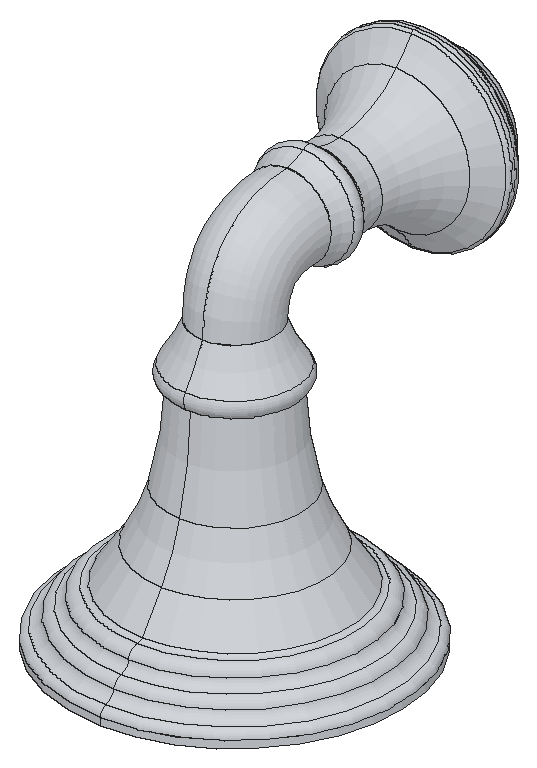
Revit family "Accessory-Robe_Hook-KOHLER-DEVONSHIRE-K-10555T", category Specialty Equipment, host Face, Revit 2017
Family settings
  Host = Face
  Round Connector Dimension = Use Diameter
  Part Type = Normal
  OmniClass Number = 23.31.25.27
  OmniClass Title = Robe Hooks
  Cut with Voids When Loaded = No
  Shared = No
  Room Calculation Point = No
Parameters (values of type "CP-Polished Chrome")
  Width = 3 3/16"  # constant formula
  WaterSense Certified = 1 = 0  # no
  URL = "http://www.kohler.com.cn/en/"
  Type = 1
  Product Page URL = "http://www.kohler.com.cn/product/K-10555T-CP/K-10555T-CP/"
  Product Name = "DEVONSHIRE"  # constant formula
  Product Documentation Link = "http://files.kohler.com.cn/pdfs/devonshire_10550.pdf"
  Model = if(Type = 1, "K-10555T-CP", if(Type = 2, "K-10555T-2BZ", "NA"))  # "K-10555T-CP"
  Material = "Premium Metal Construction"  # constant formula
  Master Format 2014 Name = "Toilet, Bath, and Laundry Accessories"  # constant formula
  Master Format 2014 = "10 28 00"  # constant formula
  Manufacturer Address = "158 Jiangchang 3rd Road Zhabei District Shanghai, 200436 China"  # constant formula
  Manufacturer = "KOHLER Co."  # constant formula
  Length = 2 3/8"  # constant formula
  Height = 3 3/16"  # constant formula
  Finish = Kohler-Metal-CP-Polished_Chrome
  Environmental Product Declaration = ""
  Description = "single hook"  # constant formula
  Default Elevation = 42"
  Declare Label = ""
  Date Modified = "06/08/2020"  # constant formula
  Date Created = "06/08/2020"  # constant formula
  Copyright = "Copyright KOHLER Co."  # constant formula
  Contact Us = "http://www.kohler.com.cn/en/contact/contact-us/"
  Assembly Code = "C1030200"
  ADA Compliant = 1 = 0  # no
Types (3): name | Type | Product Page URL | Model | Finish
  (no name) | 1 | "http://www.kohler.com.cn/product/K-10555T-CP/K-10555T-CP/" | "K-10555T-CP" | Kohler-Metal-CP-Polished_Chrome
  CP-Polished Chrome | 1 | "http://www.kohler.com.cn/product/K-10555T-CP/K-10555T-CP/" | "K-10555T-CP" | Kohler-Metal-CP-Polished_Chrome
  2BZ-Elegant Black | 2 | "http://www.kohler.com.cn/product/K-10555T-CP/K-10555T-2BZ/" | "K-10555T-2BZ" | Kohler-Metal-2BZ-Elegant_Black
Reference planes (in)
  plane 1 "Center (Front/Back)": y = 0
  plane 2: z = 0
  plane 3 "Center (Left/Right)": x = 0
  plane 4: x = -1.1875
  plane 5: y = 1.18749
  plane 6: y = -1.18749
  plane 7: x = 1.1875
  plane 8: z = 2.5
  plane 9: z = 3.1875
  plane 10: y = 2.00001
  plane 11: z = 1.77536
  plane 12: z = 0.37095
  plane 13: z = 0.23969
  plane 14: z = 0.1079
Dimensions and locks (in)
  "Length": plane 4 to plane 7
  "Height": plane 10 to plane 6
  "Width": plane 9 to level
  plane 8 to level = 2 1/2"
  aligned and locked: plane 2 to host face
  aligned and locked: level to host face
Automatic sketch dimensions
  host sketch curve to host sketch curve = 96"  (x2)
Nested families (in)
  nested 1: "K-10555T" at (0, 0, 0) x (0, 1, 0) z (0, 0, 1), type "K-10555T"
Definition of nested family "K-10555T"
  Parameters (values of type "K-10555T")
    Material = none
  Reference planes (in)
    plane 1 "Center (Front/Back)": y = 0
    plane 2: z = 0
    plane 3 "Center (Left/Right)": x = 0
    plane 4: x = 1.1875
    plane 5: z = 2.5
    plane 6: x = -1.1875
    plane 7: x = 2
    plane 8: y = 1.18749
    plane 9: y = -1.18749
    plane 10: z = 3.1875
    plane 11: z = 1.77536
  Forms (in)
    Revolve 1, solid, material <- "Material", detail levels medium+fine
      sketch origin (0, 0, 0) x (1, 0, 0) y (0, 0, 1)
        loop
          line (-1.18749, 0) -> (0, 0) -> (0, 2.04672) -> (-0.28617, 2.04672)
          arc (-0.28617, 2.04672) -> (-0.35223, 1.90648) -> (-0.43491, 1.77536) r 1.26711
          arc (-0.43491, 1.77536) -> (-0.44575, 1.69714) -> (-0.38724, 1.64412) r 0.0845
          arc (-0.38724, 1.64412) -> (-0.4152, 1.31968) -> (-0.48139, 1.00084) r 2.7446
          arc (-0.48139, 1.00084) -> (-0.54805, 0.8122) -> (-0.64239, 0.63577) r 1.32349
          arc (-0.64239, 0.63577) -> (-0.72463, 0.51188) -> (-0.81159, 0.39126) r 3.8464
          arc (-0.81159, 0.39126) -> (-0.83075, 0.37569) -> (-0.85498, 0.37095) r 0.05099
          arc (-0.85498, 0.37095) -> (-0.90811, 0.35364) -> (-0.93606, 0.30525) r 0.07805
          arc (-0.93606, 0.30525) -> (-0.95791, 0.26208) -> (-1.0008, 0.23969) r 0.07914
          arc (-1.0008, 0.23969) -> (-1.0424, 0.21866) -> (-1.06503, 0.17791) r 0.07942
          arc (-1.06503, 0.17791) -> (-1.09103, 0.13146) -> (-1.13877, 0.1079) r 0.08978
          arc (-1.13877, 0.1079) -> (-1.17366, 0.08835) -> (-1.18749, 0.05083) r 0.05778
          line (-1.18749, 0.05083) -> (-1.18749, 0)
        axis (0, 2.04672) -> (0, 0)
      angle from 0 to 360
    Revolve 2, solid, material <- "Material", detail levels medium+fine
      sketch origin (0, 0, 0) x (1, 0, 0) y (0, 0, 1)
        loop
          arc (1.71199, 3.10999) -> (1.69005, 3.14723) -> (1.65825, 3.17652) r 0.14746
          arc (1.65825, 3.17652) -> (1.64008, 3.18525) -> (1.62015, 3.18825) r 0.06776
          line (1.62015, 3.18825) -> (1.58814, 3.18825)
          arc (1.58814, 3.18825) -> (1.573, 3.18433) -> (1.56167, 3.17356) r 0.03119
          arc (1.56167, 3.17356) -> (1.50232, 3.08911) -> (1.43405, 3.0117) r 0.93778
          arc (1.43405, 3.0117) -> (1.20427, 2.85387) -> (0.9322, 2.79317) r 0.73353
          arc (0.9322, 2.79317) -> (0.83505, 2.79868) -> (0.74024, 2.82055) r 0.57317
          arc (0.74024, 2.82055) -> (0.72493, 2.81759) -> (0.71924, 2.80308) r 0.01617
          arc (0.71924, 2.80308) -> (0.67844, 2.86319) -> (0.60593, 2.85869) r 0.07332
          arc (0.60593, 2.85869) -> (0.53942, 2.82418) -> (0.4673, 2.80385) r 0.36849
          line (0.4673, 2.80385) -> (0.4673, 2.5) -> (2, 2.5)
          arc (2, 2.5) -> (1.97649, 2.73375) -> (1.90689, 2.95813) r 1.1736
          arc (1.90689, 2.95813) -> (1.87407, 2.99764) -> (1.8249, 3.0125) r 0.08919
          arc (1.8249, 3.0125) -> (1.81006, 3.01805) -> (1.80246, 3.03196) r 0.0227
          arc (1.80246, 3.03196) -> (1.78356, 3.0683) -> (1.74613, 3.08491) r 0.062
          arc (1.74613, 3.08491) -> (1.72551, 3.09261) -> (1.71199, 3.10999) r 0.04038
        axis (2, 2.5) -> (0.4673, 2.5)
      angle from 0 to 360
    SweptBlend 3, solid, material <- "Material", detail levels medium+fine
      path origin (0, 0, 0) x (1, 0, 0) y (0, 0, 1)
        loop
          spline (0, 2.04672) -> (0.00354, 2.12136) -> (0.01351, 2.1895) -> (0.02992, 2.25116) -> (0.05277, 2.30633) -> (0.08206, 2.35501) -> (0.11778, 2.39719) -> (0.15994, 2.43289) -> (0.20854, 2.4621) -> (0.26357, 2.48481) -> (0.32505, 2.50104) -> (0.39296, 2.51078) -> (0.4673, 2.51402)
      profile origin (0, 0, 2.04672) x (-0.999992, 0, 0.004077) y (0, -1, 0)
        loop
          circle (0, 0) r 0.28617
      end profile origin (0.4673, 0, 2.51402) x (0, 0, 1) y (0, -1, 0)
        loop
          circle (-0.01402, 0) r 0.30385
    Revolve 4, solid, material <- "Material", detail levels coarse
      sketch origin (0, 0, 0) x (1, 0, 0) y (0, 0, 1)
        loop
          line (-1.18749, 0) -> (-0.01182, 0) -> (-0.01182, 2.03177) -> (-0.4461, 2.03177) -> (-0.4461, 0.39756) -> (-1.18749, 0.39756) -> (-1.18749, 0)
        axis (-0.01182, 2.03177) -> (-0.01182, 0)
      angle from 0 to 360
    Revolve 5, solid, material <- "Material", detail levels coarse
      sketch origin (0, 0, 0) x (1, 0, 0) y (0, 0, 1)
        loop
          line (0.47762, 2.86613) -> (0.47762, 2.51545) -> (2.0625, 2.51545) -> (2.0625, 3.1875) -> (1.47762, 3.1875) -> (1.47762, 2.86613) -> (0.47762, 2.86613)
        axis (2.0625, 2.51545) -> (0.47762, 2.51545)
      angle from 0 to 360
    SweptBlend 6, solid, material <- "Material", detail levels coarse
      path origin (0.0003, 0, 0) x (1, 0, 0) y (0, 0, 1)
        loop
          arc (-0.01182, 2.03177) -> (0.13154, 2.37786) -> (0.47762, 2.52121) r 0.48944
      profile origin (-0.01152, 0, 2.03177) x (-1, 0, 0) y (0, -1, 0)
        loop
          circle (0, 0) r 0.43458
      end profile origin (0.47792, 0, 2.52121) x (0, 0, 1) y (0, -1, 0)
        loop
          circle (-0.00577, 0) r 0.35069
  Cuts and joins
    joined: Revolve 1, Revolve 2
    joined: Revolve 4, Revolve 5
  Lines and regions (in)
    Masking region 1
      outline origin (0, 0, 0) x (1, 0, 0) y (0, 0, 1)
        loop
          line (-1.1875, 0) -> (0, 0) -> (1.1875, 0) -> (1.1875, 0.05083)
          arc (1.1875, 0.05083) -> (1.17366, 0.08835) -> (1.13878, 0.1079) r 0.05778
          arc (1.13878, 0.1079) -> (1.09104, 0.13146) -> (1.06504, 0.17791) r 0.08978
          arc (1.06504, 0.17791) -> (1.04241, 0.21866) -> (1.00081, 0.23969) r 0.07942
          arc (1.00081, 0.23969) -> (0.95791, 0.26208) -> (0.93607, 0.30525) r 0.07914
          arc (0.93607, 0.30525) -> (0.90812, 0.35364) -> (0.85499, 0.37095) r 0.07805
          arc (0.85499, 0.37095) -> (0.83076, 0.37569) -> (0.8116, 0.39126) r 0.05099
          arc (0.8116, 0.39126) -> (0.72464, 0.51188) -> (0.6424, 0.63577) r 3.8464
          arc (0.6424, 0.63577) -> (0.54806, 0.8122) -> (0.4814, 1.00084) r 1.32349
          arc (0.4814, 1.00084) -> (0.41521, 1.31969) -> (0.38725, 1.64413) r 2.7446
          arc (0.38725, 1.64413) -> (0.44575, 1.69715) -> (0.43491, 1.77536) r 0.0845
          arc (0.43491, 1.77536) -> (0.35223, 1.90648) -> (0.28617, 2.04672) r 1.26711
          arc (0.28617, 2.04672) -> (0.28532, 2.13678) -> (0.34155, 2.20714) r 0.13436
          arc (0.34155, 2.20714) -> (0.40132, 2.22677) -> (0.46345, 2.2169) r 0.13371
          arc (0.46345, 2.2169) -> (0.53644, 2.18241) -> (0.60593, 2.14131) r 0.87172
          arc (0.60593, 2.14131) -> (0.67844, 2.13681) -> (0.71924, 2.19692) r 0.07332
          arc (0.71924, 2.19692) -> (0.72522, 2.18275) -> (0.74024, 2.17945) r 0.01673
          arc (0.74024, 2.17945) -> (0.76585, 2.186) -> (0.79161, 2.192) r 1.2229
          arc (0.79161, 2.192) -> (0.82739, 2.19867) -> (0.86354, 2.20292) r 0.54206
          arc (0.86354, 2.20292) -> (0.90385, 2.20566) -> (0.94422, 2.20713) r 1.2876
          arc (0.94422, 2.20713) -> (1.20978, 2.14445) -> (1.43405, 1.98905) r 0.73353
          arc (1.43405, 1.98905) -> (1.50232, 1.91164) -> (1.56167, 1.82719) r 0.93778
          arc (1.56167, 1.82719) -> (1.573, 1.81642) -> (1.58814, 1.8125) r 0.03119
          line (1.58814, 1.8125) -> (1.62015, 1.8125)
          arc (1.62015, 1.8125) -> (1.64008, 1.8155) -> (1.65825, 1.82423) r 0.06776
          arc (1.65825, 1.82423) -> (1.69005, 1.85351) -> (1.71199, 1.89076) r 0.14746
          arc (1.71199, 1.89076) -> (1.72551, 1.90813) -> (1.74613, 1.91583) r 0.04038
          arc (1.74613, 1.91583) -> (1.78356, 1.93245) -> (1.80246, 1.96878) r 0.062
          arc (1.80246, 1.96878) -> (1.81002, 1.98266) -> (1.82479, 1.98824) r 0.0227
          arc (1.82479, 1.98824) -> (1.87333, 2.00281) -> (1.90631, 2.04128) r 0.09004
          arc (1.90631, 2.04128) -> (1.97641, 2.26587) -> (2, 2.5) r 1.1736
          arc (2, 2.5) -> (1.97641, 2.73413) -> (1.90658, 2.95884) r 1.1736
          arc (1.90658, 2.95884) -> (1.87332, 2.99719) -> (1.82479, 3.01176) r 0.09004
          arc (1.82479, 3.01176) -> (1.81002, 3.01734) -> (1.80246, 3.03122) r 0.0227
          arc (1.80246, 3.03122) -> (1.78356, 3.06755) -> (1.74613, 3.08417) r 0.062
          arc (1.74613, 3.08417) -> (1.72551, 3.09187) -> (1.71199, 3.10924) r 0.04038
          arc (1.71199, 3.10924) -> (1.69005, 3.14649) -> (1.65825, 3.17577) r 0.14746
          arc (1.65825, 3.17577) -> (1.64008, 3.1845) -> (1.62015, 3.1875) r 0.06776
          line (1.62015, 3.1875) -> (1.58814, 3.1875)
          arc (1.58814, 3.1875) -> (1.573, 3.18358) -> (1.56167, 3.17281) r 0.03119
          arc (1.56167, 3.17281) -> (1.50232, 3.08836) -> (1.43405, 3.01095) r 0.93778
          arc (1.43405, 3.01095) -> (1.20978, 2.85555) -> (0.94422, 2.79287) r 0.73353
          arc (0.94422, 2.79287) -> (0.90385, 2.79434) -> (0.86354, 2.79708) r 1.2876
          arc (0.86354, 2.79708) -> (0.82739, 2.80133) -> (0.79161, 2.808) r 0.54206
          arc (0.79161, 2.808) -> (0.76585, 2.814) -> (0.74024, 2.82055) r 1.2229
          arc (0.74024, 2.82055) -> (0.72522, 2.81725) -> (0.71924, 2.80308) r 0.01673
          arc (0.71924, 2.80308) -> (0.67844, 2.86319) -> (0.60593, 2.85869) r 0.07332
          arc (0.60593, 2.85869) -> (0.53942, 2.82418) -> (0.4673, 2.80385) r 0.36849
          arc (0.4673, 2.80385) -> (0.22388, 2.77169) -> (0, 2.67085) r 0.84426
          arc (0, 2.67085) -> (-0.221, 2.39451) -> (-0.28617, 2.04672) r 0.73033
          arc (-0.28617, 2.04672) -> (-0.35223, 1.90648) -> (-0.43491, 1.77536) r 1.26711
          arc (-0.43491, 1.77536) -> (-0.44575, 1.69715) -> (-0.38725, 1.64413) r 0.0845
          arc (-0.38725, 1.64413) -> (-0.41521, 1.31969) -> (-0.4814, 1.00084) r 2.7446
          arc (-0.4814, 1.00084) -> (-0.54806, 0.8122) -> (-0.6424, 0.63577) r 1.32349
          arc (-0.6424, 0.63577) -> (-0.72464, 0.51188) -> (-0.8116, 0.39126) r 3.8464
          arc (-0.8116, 0.39126) -> (-0.83076, 0.37569) -> (-0.85499, 0.37095) r 0.05099
          arc (-0.85499, 0.37095) -> (-0.90812, 0.35364) -> (-0.93607, 0.30525) r 0.07805
          arc (-0.93607, 0.30525) -> (-0.95791, 0.26208) -> (-1.00081, 0.23969) r 0.07914
          arc (-1.00081, 0.23969) -> (-1.04241, 0.21866) -> (-1.06504, 0.17791) r 0.07942
          arc (-1.06504, 0.17791) -> (-1.09104, 0.13146) -> (-1.13878, 0.1079) r 0.08978
          arc (-1.13878, 0.1079) -> (-1.17366, 0.08835) -> (-1.1875, 0.05083) r 0.05778
          line (-1.1875, 0.05083) -> (-1.1875, 0)
    Masking region 2
      outline origin (0, 0, 0) x (0, 1, 0) y (0, 0, 1)
        loop
          line (-1.18749, 0) -> (0, 0) -> (1.18749, 0) -> (1.18749, 0.05083)
          arc (1.18749, 0.05083) -> (1.17366, 0.08835) -> (1.13877, 0.1079) r 0.05778
          arc (1.13877, 0.1079) -> (1.09103, 0.13146) -> (1.06503, 0.17791) r 0.08978
          arc (1.06503, 0.17791) -> (1.0424, 0.21866) -> (1.0008, 0.23969) r 0.07942
          arc (1.0008, 0.23969) -> (0.95791, 0.26208) -> (0.93606, 0.30525) r 0.07914
          arc (0.93606, 0.30525) -> (0.90811, 0.35364) -> (0.85498, 0.37095) r 0.07805
          arc (0.85498, 0.37095) -> (0.83075, 0.37569) -> (0.81159, 0.39126) r 0.05099
          arc (0.81159, 0.39126) -> (0.72463, 0.51188) -> (0.64239, 0.63577) r 3.8464
          arc (0.64239, 0.63577) -> (0.54805, 0.8122) -> (0.48139, 1.00084) r 1.32349
          arc (0.48139, 1.00084) -> (0.4152, 1.31968) -> (0.38724, 1.64412) r 2.7446
          arc (0.38724, 1.64412) -> (0.44575, 1.69714) -> (0.43491, 1.77536) r 0.0845
          arc (0.43491, 1.77536) -> (0.39105, 1.84046) -> (0.3513, 1.90816) r 1.26711
          arc (0.3513, 1.90816) -> (0.66335, 2.68175) -> (0, 3.1875) r 0.6879
          arc (0, 3.1875) -> (-0.66335, 2.68175) -> (-0.3513, 1.90816) r 0.6879
          arc (-0.3513, 1.90816) -> (-0.39105, 1.84046) -> (-0.43491, 1.77536) r 1.26711
          arc (-0.43491, 1.77536) -> (-0.44575, 1.69714) -> (-0.38724, 1.64412) r 0.0845
          arc (-0.38724, 1.64412) -> (-0.4152, 1.31968) -> (-0.48139, 1.00084) r 2.7446
          arc (-0.48139, 1.00084) -> (-0.54805, 0.8122) -> (-0.64239, 0.63577) r 1.32349
          arc (-0.64239, 0.63577) -> (-0.72463, 0.51188) -> (-0.81159, 0.39126) r 3.8464
          arc (-0.81159, 0.39126) -> (-0.83075, 0.37569) -> (-0.85498, 0.37095) r 0.05099
          arc (-0.85498, 0.37095) -> (-0.90811, 0.35364) -> (-0.93606, 0.30525) r 0.07805
          arc (-0.93606, 0.30525) -> (-0.95791, 0.26208) -> (-1.0008, 0.23969) r 0.07914
          arc (-1.0008, 0.23969) -> (-1.0424, 0.21866) -> (-1.06503, 0.17791) r 0.07942
          arc (-1.06503, 0.17791) -> (-1.09103, 0.13146) -> (-1.13877, 0.1079) r 0.08978
          arc (-1.13877, 0.1079) -> (-1.17366, 0.08835) -> (-1.18749, 0.05083) r 0.05778
          line (-1.18749, 0.05083) -> (-1.18749, 0)
    Masking region 3
      outline origin (0, 0, 0) x (1, 0, 0) y (0, 1, 0)
        loop
          arc (-1.1875, 0) -> (-0.83969, -0.83969) -> (0, -1.18749) r 1.18748
          arc (0, -1.18749) -> (0.71367, -0.9491) -> (1.14081, -0.32967) r 1.18751
          arc (1.14081, -0.32967) -> (1.29829, -0.40319) -> (1.43405, -0.5117) r 0.73353
          arc (1.43405, -0.5117) -> (1.50232, -0.58911) -> (1.56167, -0.67356) r 0.93778
          arc (1.56167, -0.67356) -> (1.573, -0.68433) -> (1.58814, -0.68825) r 0.03119
          line (1.58814, -0.68825) -> (1.62015, -0.68825)
          arc (1.62015, -0.68825) -> (1.64008, -0.68525) -> (1.65825, -0.67652) r 0.06776
          arc (1.65825, -0.67652) -> (1.69005, -0.64723) -> (1.71199, -0.60999) r 0.14746
          arc (1.71199, -0.60999) -> (1.72551, -0.59261) -> (1.74613, -0.58491) r 0.04038
          arc (1.74613, -0.58491) -> (1.78356, -0.5683) -> (1.80246, -0.53196) r 0.062
          arc (1.80246, -0.53196) -> (1.81006, -0.51805) -> (1.8249, -0.5125) r 0.0227
          arc (1.8249, -0.5125) -> (1.87407, -0.49764) -> (1.90689, -0.45813) r 0.08919
          arc (1.90689, -0.45813) -> (1.97649, -0.23375) -> (2, 0) r 1.1736
          arc (2, 0) -> (1.97649, 0.23375) -> (1.90689, 0.45813) r 1.1736
          arc (1.90689, 0.45813) -> (1.87407, 0.49764) -> (1.8249, 0.5125) r 0.08919
          arc (1.8249, 0.5125) -> (1.81006, 0.51805) -> (1.80246, 0.53196) r 0.0227
          arc (1.80246, 0.53196) -> (1.78356, 0.5683) -> (1.74613, 0.58491) r 0.062
          arc (1.74613, 0.58491) -> (1.72551, 0.59261) -> (1.71199, 0.60999) r 0.04038
          arc (1.71199, 0.60999) -> (1.69005, 0.64723) -> (1.65825, 0.67652) r 0.14746
          arc (1.65825, 0.67652) -> (1.64008, 0.68525) -> (1.62015, 0.68825) r 0.06776
          line (1.62015, 0.68825) -> (1.58814, 0.68825)
          arc (1.58814, 0.68825) -> (1.573, 0.68433) -> (1.56167, 0.67356) r 0.03119
          arc (1.56167, 0.67356) -> (1.50232, 0.58911) -> (1.43405, 0.5117) r 0.93778
          arc (1.43405, 0.5117) -> (1.29829, 0.40319) -> (1.14082, 0.32967) r 0.73353
          arc (1.14082, 0.32967) -> (0.71368, 0.94911) -> (0, 1.18749) r 1.18748
          arc (0, 1.18749) -> (-0.83969, 0.83968) -> (-1.1875, 0) r 1.1875
    symbolic lines, detail levels medium+fine
      curve 1: line (0.38724, 0, 1.64412) -> (-0.38724, 0, 1.64412)
      curve 2: line (-0.85498, 0, 0.37095) -> (0.85498, 0, 0.37095)
      curve 3: line (-1.0008, 0, 0.23969) -> (1.0008, 0, 0.23969)
      curve 4: line (-1.13877, 0, 0.1079) -> (1.13877, 0, 0.1079)
      curve 5: line (-0.43491, 0, 1.77536) -> (0.43491, 0, 1.77536)
      curve 6: line (0, 0.38724, 1.64412) -> (0, -0.38724, 1.64412)
      curve 7: line (0, 0.85498, 0.37095) -> (0, -0.85498, 0.37095)
      curve 8: line (0, 1.0008, 0.23969) -> (0, -1.0008, 0.23969)
      curve 9: line (0, 1.13877, 0.1079) -> (0, -1.13877, 0.1079)
      curve 10: arc (0.6056, 0.34249, 0) -> (0.50898, 0.29756, 0) -> (0.40355, 0.28216, 0) r 0.36849
      curve 11: arc (0.71891, 0.28689, 0) -> (0.67811, 0.347, 0) -> (0.6056, 0.34249, 0) r 0.07332
      curve 12: arc (0.6056, -0.34249, 0) -> (0.50898, -0.29756, 0) -> (0.40355, -0.28216, 0) r 0.36849
      curve 13: arc (0.71891, -0.28689, 0) -> (0.67811, -0.347, 0) -> (0.6056, -0.34249, 0) r 0.07332
      curve 14: arc (-0.01324, -0.28619, 0) -> (-0.28615, 0.00635, 0) -> (0, 0.28596, 0) r 0.28622
      curve 15: line (0, 0.28596, 0) -> (0.26611, 0.28131, 0)
      curve 16: line (-0.01324, -0.28619, 0) -> (0.26611, -0.28131, 0)
      curve 17: line (0.6056, 0.34249, 0) -> (0.6056, -0.34249, 0)
      curve 18: line (0.26611, 0.28131, 0) -> (0.40355, 0.28131, 0)
      curve 19: line (0.26611, -0.28131, 0) -> (0.40355, -0.28131, 0)
      curve 20: circle (0, 0, 2.5) r 0.51369 normal (1, 0, 0)
      curve 21: line (1.80246, 0, 3.03122) -> (1.80246, 0, 1.96878)
      curve 22: line (1.71199, 0, 3.10924) -> (1.71199, 0, 1.89076)
      curve 23: line (0.71924, 0, 2.80308) -> (0.71924, 0, 2.19692)
      curve 24: line (0.60593, 0, 2.85869) -> (0.60593, 0, 2.14131)
      curve 25: circle (0, 0, 2.5) r 0.58409 normal (1, 0, 0)
      curve 26: arc (0, -0.3513, 1.90816) -> (0, 0, 1.81175) -> (0, 0.3513, 1.90816) r 0.68825
      curve 27: arc (0.79161, 0.308, 0) -> (0.76585, 0.314, 0) -> (0.74024, 0.32055, 0) r 1.2229
      curve 28: arc (0.86354, 0.29708, 0) -> (0.82739, 0.30133, 0) -> (0.79161, 0.308, 0) r 0.54206
      curve 29: arc (0.9322, 0.29317, 0) -> (0.89784, 0.29467, 0) -> (0.86354, 0.29708, 0) r 1.2876
      curve 30: arc (0.71924, 0.30308, 0) -> (0.72522, 0.31725, 0) -> (0.74024, 0.32055, 0) r 0.01673
      curve 31: arc (1.14082, 0.32967, 0) -> (1.03783, 0.30385, 0) -> (0.9322, 0.29317, 0) r 0.73353
      curve 32: line (0.71924, 0.30308, 0) -> (0.71924, 0, 0)
      curve 33: arc (0.79161, -0.308, 0) -> (0.76585, -0.314, 0) -> (0.74024, -0.32055, 0) r 1.2229
      curve 34: arc (0.86354, -0.29708, 0) -> (0.82739, -0.30133, 0) -> (0.79161, -0.308, 0) r 0.54206
      curve 35: arc (0.9322, -0.29317, 0) -> (0.89784, -0.29467, 0) -> (0.86354, -0.29708, 0) r 1.2876
      curve 36: arc (0.71924, -0.30308, 0) -> (0.72522, -0.31725, 0) -> (0.74024, -0.32055, 0) r 0.01673
      curve 37: arc (1.14082, -0.32967, 0) -> (1.03783, -0.30385, 0) -> (0.9322, -0.29317, 0) r 0.73353
      curve 38: line (0.71924, -0.30308, 0) -> (0.71924, 0, 0)
      curve 39: arc (0.34739, 0.28131, 0) -> (-0.44701, 0.00054, 0) -> (0.3467, -0.28216, 0) r 0.44701
      curve 40: arc (0.89054, 0.2951, 0) -> (-0.93816, 0, 0) -> (0.89054, -0.2951, 0) r 0.93816
      curve 41: arc (1.02728, 0.30208, 0) -> (-1.02471, 0, 0) -> (1.02728, -0.30208, 0) r 1.04823
      curve 42: line (1.56167, 0, 3.17281) -> (1.56167, 0, 1.82719)
      curve 43: line (1.56167, 0.67356, 0) -> (1.56167, -0.67356, 0)
      curve 44: line (1.71199, 0.60999, 0) -> (1.71199, -0.60999, 0)
      curve 45: line (1.80246, -0.53196, 0) -> (1.80246, 0.53196, 0)
      curve 46: line (0, 0.43491, 1.77536) -> (0, -0.43491, 1.77536)
      curve 47: arc (1.08034, 0.31259, 0) -> (-1.12465, 0, 0) -> (1.08034, -0.31259, 0) r 1.12465
  Dimensions and locks (in)
    plane 5 to level = 2 1/2"
    plane 6 to plane 4 = 2 3/8"
    plane 7 to plane 3 "Center (Left/Right)" = 2"
    plane 8 to plane 1 "Center (Front/Back)" = 1 3/16"
    plane 10 to plane 2 = 3 3/16"
    aligned and locked: plane 2 to level
